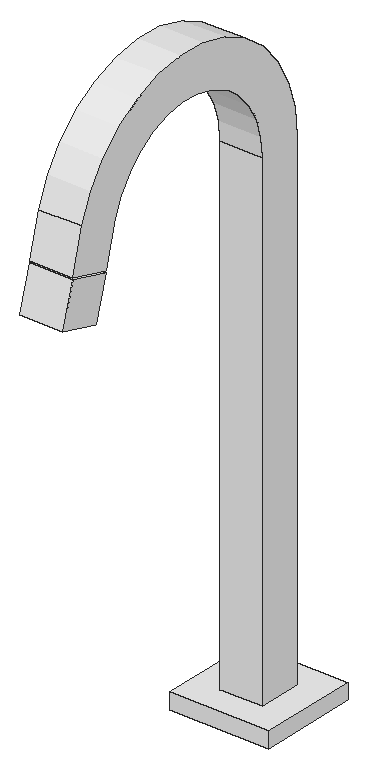
Revit family "Deca_Torneira Lavatório para Cubas de Apoio Tube_1198.C.TUB_Mesa Bica Alta", category Plumbing Fixtures, host Face, Revit 2010
Parameters (values of type "1198.C.TUB_Cromado CR10")
  Vendido Separadamente = " Ligação Flexível: 30 cm (4607.C.030), 40 cm (4607.C.040), 50 cm (4607.C.050)."  # constant formula
  Variações de COR = "Cromado (1198.C.TUB)"  # constant formula
  URL = "www.deca.com.br/produtos"
  Torneira = Deca CR10 Cromado Metal
  Segmento = "Médio"  # constant formula
  Raio Água Fria = 7.5 mm  # constant formula
  Produto = "Torneira lavatório mesa bica alta para cubas de apoio Tube"  # constant formula
  Pressão = "2 A 40 mca"  # constant formula
  Peso Liquido (Kg) = 1.37
  Norma = "ABNT NBR 15748:2009"  # constant formula
  Model = Código  # "1198.C.TUB"
  Material = "Deca_Latão Cromado e Plástico de Engenharia"  # constant formula
  Manufacturer = "Deca"  # constant formula
  Louça/Metais = "Metal"  # constant formula
  Linha = "Tube"  # constant formula
  Informações Complementares = "Mecanismo: 1/4 volta"  # constant formula
  Flow Pressure = 0.00 psi
  Diâmetro Água Fria = Raio Água Fria * 2  # 15 mm
  Description = "Torneira lavatório mesa"  # constant formula
  Default Elevation = 0 mm
  Código = "1198.C.TUB"  # constant formula
  Criado por = "Contino/quattroD"  # constant formula
  Consumo = "Varia com a pressão"  # constant formula
  CWFU = 0
  Atendimento ao Cliente = "0800-0117073"  # constant formula
  Assembly Code = "D2020"
  Aprovado por = "Contino/quattroD"  # constant formula
  Acompanha o Produto = ""
Reference planes
  plane 1 "Center (Front/Back)": y = -110
  plane 2: z = 0
  plane 3 "Center (Left/Right)": x = 0
  plane 4 "Left 1": x = -26.987
  plane 5 "Back 1": y = -83.013
  plane 6 "Front  1": y = -136.988
  plane 7 "Right 1": x = 26.988
  plane 8 "Front  2": y = -257.905
  plane 9 "Top 1": z = 8.5
  plane 10 "Top 2": z = 351
Forms (mm)
  Extrusion 1, solid, material "Deca CR10 Cromado Metal" <- "Torneira"
    sketch origin (0, 0, 0) x (1, 0, 0) y (0, 1, 0)
      loop
        line (-26.987, -136.988) -> (26.988, -136.988) -> (26.988, -83.013) -> (-26.987, -83.013) -> (-26.987, -136.988)
    from 0 to 8.5
  Sweep 2, solid, material "Deca CR10 Cromado Metal" <- "Torneira"
    path origin (0, 0, 0) x (0, 1, 0) y (0, 0, 1)
      loop
        line (-110, 8.5) -> (-110, 276.311)
        arc (-110, 276.311) -> (-164.223, 338.687) -> (-233.539, 293.673) r 62.989
        line (-233.539, 293.673) -> (-239.949, 271.316)
    profile origin (0, -110, 142.405) x (0, -1, 0) y (1, 0, 0)
      loop
        line (-11.7, -11.7) -> (11.7, -11.7) -> (11.7, 11.7) -> (-11.7, 11.7) -> (-11.7, -11.7)
  Extrusion 3, solid, material "Deca CR10 Cromado Metal" <- "Torneira"
    sketch origin (0, -51.931, 33.963) x (0, 0.961262, -0.275637) y (0, 0.275637, 0.961262)
      loop
        line (-257.905, 152.134) -> (-234.505, 152.134) -> (-234.505, 175.534) -> (-257.905, 175.534) -> (-257.905, 152.134)
    from -11.7 to 11.7
Cuts and joins
  joined: Extrusion 1, Sweep 2, Extrusion 3
Lines and regions (mm)
  Masking region 1
    outline origin (0, 0, 0) x (1, 0, 0) y (0, 1, 0)
      loop
        line (26.988, -83.013) -> (-26.987, -83.013) -> (-26.987, -136.988) -> (-11.7, -136.988) -> (-11.7, -257.905) -> (11.7, -257.905) -> (11.7, -136.988) -> (26.988, -136.988) -> (26.988, -83.013)
  Masking region 2
    outline origin (0, -110, 0) x (1, 0, 0) y (0, 0, 1)
      loop
        line (-11.7, 351) -> (-11.7, 8.5) -> (-26.987, 8.5) -> (-26.987, 0) -> (26.988, 0) -> (26.988, 8.5) -> (11.7, 8.5) -> (11.7, 351) -> (-11.7, 351)
  Masking region 3
    outline origin (0, 0, 0) x (0, 1, 0) y (0, 0, 1)
      loop
        line (-83.013, 0) -> (-83.013, 8.5) -> (-98.3, 8.5) -> (-98.3, 276.311)
        arc (-98.3, 276.311) -> (-162.595, 350.273) -> (-244.785, 296.898) r 74.689
        line (-244.785, 296.898) -> (-251.196, 274.541) -> (-250.235, 274.266) -> (-250.455, 273.497) -> (-251.462, 273.785) -> (-257.912, 251.292) -> (-235.418, 244.842) -> (-228.968, 267.336) -> (-229.93, 267.611) -> (-229.709, 268.38) -> (-228.702, 268.092) -> (-222.292, 290.448)
        arc (-222.292, 290.448) -> (-165.851, 327.101) -> (-121.7, 276.311) r 51.289
        line (-121.7, 276.311) -> (-121.7, 8.5) -> (-136.988, 8.5) -> (-136.988, 0) -> (-83.013, 0)
  symbolic lines
    curve 1: line (-11.7, -136.988, 0) -> (-11.7, -98.3, 0)
    curve 2: line (-11.7, -98.3, 0) -> (11.7, -98.3, 0)
    curve 3: line (11.7, -98.3, 0) -> (11.7, -136.988, 0)
    curve 4: line (-11.7, -251.455, 0) -> (11.7, -251.455, 0)
    curve 5: line (11.7, -251.196, 0) -> (-11.7, -251.196, 0)
    curve 6: line (-11.7, -110, 8.5) -> (11.7, -110, 8.5)
    curve 7: line (-11.7, -110, 244.842) -> (11.7, -110, 244.842)
    curve 8: line (-11.7, -110, 251.292) -> (11.7, -110, 251.292)
    curve 9: line (-11.7, -110, 267.336) -> (11.7, -110, 267.336)
    curve 10: line (11.7, -110, 268.092) -> (-11.7, -110, 268.092)
    curve 11: line (0, -121.7, 8.5) -> (0, -98.3, 8.5)
    curve 12: line (0, -250.455, 273.497) -> (0, -229.93, 267.611)
    curve 13: line (0, -229.709, 268.38) -> (0, -250.235, 274.266)
Dimensions and locks
  plane 4 "Left 1" to plane 7 "Right 1" = 53.975 mm  (x2)
  plane 10 "Top 2" to plane 9 "Top 1" to host face = 342.5 mm, 8.5 mm
  plane 10 "Top 2" to host face = 351 mm
  plane 5 "Back 1" to plane 6 "Front  1" to plane 8 "Front  2" = 53.975 mm, 120.918 mm
  plane 8 "Front  2" to plane 5 "Back 1" = 174.893 mm  (x2)
  plane 8 "Front  2" to plane 6 "Front  1" to plane 5 "Back 1" = 120.918 mm, 53.975 mm
  host face to plane 9 "Top 1" to plane 10 "Top 2" = 8.5 mm, 342.5 mm
  host face to plane 10 "Top 2" = 351 mm
  aligned and locked: host face to plane 2
  aligned and locked: level to host face
  aligned and locked: plane 4 "Left 1" to Extrusion 1 sketch curve
  aligned and locked: Extrusion 1 sketch curve to plane 6 "Front  1"
  aligned and locked: plane 5 "Back 1" to Extrusion 1 sketch curve
  aligned and locked: plane 7 "Right 1" to Extrusion 1 sketch curve
Connectors
  piping at (0, -110, 0), driven by "Flow Pressure", driven by "CWFU", driven by "Raio Água Fria"
    settings: on cut or joined group of Extrusion 1, Sweep 2, Extrusion 3, index 1, connector radius 0.29528", flow factor 0, pipe flow 0 GPM, pressure drop 0.00 psi, fitting loss kfactor 0, connector angle 0.00°, fixture units 0, engagement length 0 mm, flow configuration 3, flow direction 1, fitting loss method 4, system type 20, joint type 0, gender type 0, connector reference index -1, connector utility 0, adjustable connector no, is connector primary yes, fitting loss table "", connector description ""
